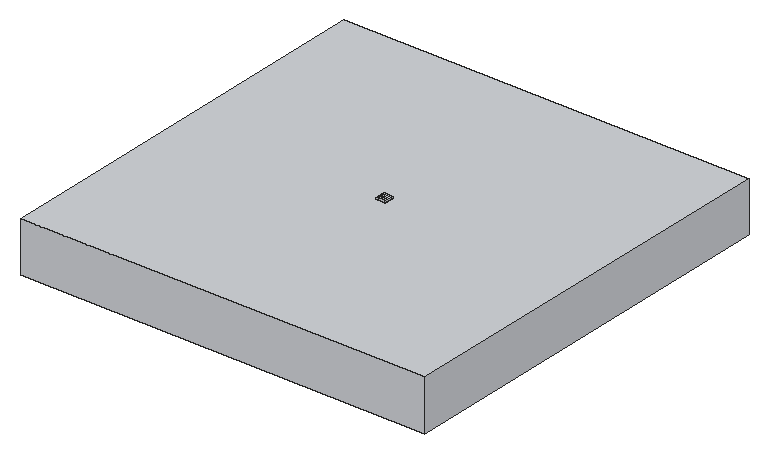
Revit family "2CKA006430A0403", category Elektroinstallationen, Revit 2017
Family settings
  Basisbauteil = Fläche
  Beschriftungsausrichtung beibehalten = Nein
  Bemaßung runder Anschluss = Durchmesser verwenden
  Teiletyp = Normal
  Beim Laden mit Abzugskörper schneiden = Nein
  Gemeinsam genutzt = Nein
  Raumberechnungspunkt = Nein
Parameters
  Werkstoffgüte = "Thermoplast"
  Werkstoff = "Kunststoff"
  Default Elevation = 1219.2 mm
  Verwendung = "Jalousie"
  URL = "https://www.busch-jaeger.de/"
  Typname = "Bedienelement, alpinweiß, Busch-balance SI, Bedienelemente für Jalousiesteuerung/Zeitschaltuhren"
  TYPE = "6430-914-102"
  RAL-Nummer (ähnlich) = 9010
  Produktseite = "https://media.live.bim.site/t/eyJhbGciOiJIUzI1NiIsInR5cCI6IkpXVCJ9.eyJjdCI6MiwidHUiOiJodHRwOi8vYnVzY2gtamFlZ2VyLWthdGFsb2cuZGUvNjQzMC0wLTA0MDMsYXJ0aWtlbC5odG1sIiwiY2lkIjoiZmVkOThlOWEtMWJkOC00YzY4LWE3M2ItNzRhOTRlMzE1ODIzIiwicmlkIjoiNzFkYzRlZGJiMjU0Nzg3N2QyNDc3NzNlNDNlZDIxYjMiLCJwaWQiOiI4OTc0MmFlNzZiOTE1NTk1ZDE1NDk0NmI5M2QzMWRlMDhkNjRhYWFjIiwic2lkIjoiNjM3MzIiLCJ1dCI6MSwibGMiOiJkZSIsImlhdCI6MTU4MjE5NDU4NywiaXNzIjoiaHR0cHM6Ly9hcGkubGl2ZS5iaW0uc2l0ZSIsInN1YiI6ImY1ODZjNGI2LWE1MDgtNDI3YS05ODE4LTEzMTc5NjY1NzZiYyJ9.K95BvRhGoKdMDUxk5IIPtkTlUrMm7MLOJMmIBYTFR4A"
  Oberfläche = "unbehandelt"
  Kontrollfenster/Lichtauslass = yes
  Ist Zubehör = no
  Ist System = no
  Hersteller = "Busch-Jaeger"
  HeinzeBIM = "https://www.heinze.de/bim/bedienelement-alpinweiss-busch-balance-si-bedienelemente-fuer-jalousiesteuerung-zeitschaltuhren/89742ae76b915595d154946b93d31de08d64aaac"
  Halogenfrei = yes
  HAN = "2CKA006430A0403"
  Gewicht [kg/m] = 0.028
  Geeignet für Schutzart (IP) = "IP20"
  GTIN = "4011395191958"
  Farbe = "weiß"
  Datenblatt = "https://media.live.bim.site/t/eyJhbGciOiJIUzI1NiIsInR5cCI6IkpXVCJ9.eyJjdCI6MSwidGYiOiJwdWJsaWMvYnVzY2gtamFlZ2VyL2VhZjFmM2IvMkNLQTAwNjQzMEEwNDAzX1JPSFNfMjAxOV8xMF8wNy5wZGYiLCJjaWQiOiJmZWQ5OGU5YS0xYmQ4LTRjNjgtYTczYi03NGE5NGUzMTU4MjMiLCJyaWQiOiI3MWRjNGVkYmIyNTQ3ODc3ZDI0Nzc3M2U0M2VkMjFiMyIsInBpZCI6Ijg5NzQyYWU3NmI5MTU1OTVkMTU0OTQ2YjkzZDMxZGUwOGQ2NGFhYWMiLCJzaWQiOiI2MzczMiIsInV0IjoxLCJsYyI6ImRlIiwiaWF0IjoxNTgyMTk0NTg3LCJpc3MiOiJodHRwczovL2FwaS5saXZlLmJpbS5zaXRlIiwic3ViIjoiZjU4NmM0YjYtYTUwOC00MjdhLTk4MTgtMTMxNzk2NjU3NmJjIn0._J9d0LAiZYK51m_5Gl0qjGVFAX6nUwN2UMJ7yYfRAKI/2CKA006430A0403_ROHS_2019_10_07.pdf"
  Beschreibung = "Bedienelement, alpinweiß, Busch-balance SI, Bedienelemente für Jalousiesteuerung/Zeitschaltuhren, Bedienelement Für Busch-Jalousiecontrol II Einsatz 6411 U-101, 6411 U/S-101. Für Jalousie-Basis-Einsatz 6418 U. Für Busch-Universal-Serieneinsatz 6402 U."
  Befestigungsart = "Klemmbefestigung"
  BIMSITE_PRODUCT_ID = "89742ae76b915595d154946b93d31de08d64aaac"
  BIM = "https://media.live.bim.site/t/eyJhbGciOiJIUzI1NiIsInR5cCI6IkpXVCJ9.eyJjdCI6MSwidGYiOiJwdWJsaWMvYnVzY2gtamFlZ2VyL2VhZjFmM2IvMkNLQTAwNjQzMEEwNDAzLnJmYSIsImNpZCI6ImZlZDk4ZTlhLTFiZDgtNGM2OC1hNzNiLTc0YTk0ZTMxNTgyMyIsInJpZCI6IjcxZGM0ZWRiYjI1NDc4NzdkMjQ3NzczZTQzZWQyMWIzIiwicGlkIjoiODk3NDJhZTc2YjkxNTU5NWQxNTQ5NDZiOTNkMzFkZTA4ZDY0YWFhYyIsInNpZCI6IjYzNzMyIiwidXQiOjUsImxjIjoiZGUiLCJpYXQiOjE1ODIxOTQ1ODcsImlzcyI6Imh0dHBzOi8vYXBpLmxpdmUuYmltLnNpdGUiLCJzdWIiOiJmNTg2YzRiNi1hNTA4LTQyN2EtOTgxOC0xMzE3OTY2NTc2YmMifQ.ZvnU7X3X_kEjDCdWDlTpnelv9T5Ha4pLDcGaerI-V0w/2CKA006430A0403.rfa"
  Ausführung der Oberfläche = "glänzend"
  Ausführung = "einteilige Taste"
  Aufdruck/Kennzeichnung = "Symbol \"Pfeile\""
Reference planes
  plane 1 "Center (Front/Back)": y = 0
  plane 2: z = 0
  plane 3 "Center (Left/Right)": x = 0
Forms (mm)
  Extrusion 1, solid
    sketch origin (0, 0, 0) x (1, 0, 0) y (0, 1, 0)
      loop
        line (-1219.2, 1219.2) -> (-1219.2, -1219.2) -> (1219.2, -1219.2) -> (1219.2, 1219.2) -> (-1219.2, 1219.2)
    from 0 to -304.8
  Extrusion 2, solid, detail levels fine
    sketch origin (37.798, 0, -28.003) x (1, 0, 0) y (0, 0, 1)
      loop
        line (-65.36, 36.757) -> (-65.513, 28.003) -> (-63.408, 28.003) -> (-63.408, 25.503) -> (-65.557, 25.503) -> (-65.583, 24.003) -> (-10.013, 24.003) -> (-10.013, 25.503) -> (-12.113, 25.503) -> (-12.113, 28.003) -> (-10.013, 28.003) -> (-10.167, 36.781) -> (-19.335, 37.587) -> (-22.742, 37.849) -> (-33.364, 38.215) -> (-35.565, 38.291) -> (-46.191, 38.112) -> (-48.394, 38.075) -> (-59, 37.35) -> (-61.198, 37.2) -> (-62.155, 37.127) -> (-65.36, 36.757)
    from 27.5 to -27.5
  Extrusion 3, solid, detail levels medium+fine
    sketch origin (0, 0, -4) x (1, 0, 0) y (0, 1, 0)
      loop
        circle (0, 0) r 5
    from 0 to -2
  Extrusion 4, solid, detail levels medium+fine
    sketch origin (0, 0, 0) x (1, 0, 0) y (0, 1, 0)
      loop
        circle (0, -3) r 1
    from -6 to -13
  Extrusion 5, solid, detail levels medium+fine
    sketch origin (0, 0, 0) x (-0.5, 0.866025, 0) y (-0.866025, -0.5, 0)
      loop
        circle (0, -3) r 1
    from -6 to -13
  Extrusion 6, solid, detail levels medium+fine
    sketch origin (0, 0, 0) x (-0.5, -0.866025, 0) y (0.866025, -0.5, 0)
      loop
        circle (0, -3) r 1
    from -6 to -13
  Extrusion 7, solid, detail levels medium
    sketch origin (0, 0, 0) x (1, 0, 0) y (0, 0, 1)
      loop
        line (27.785, -4) -> (27.785, 8.738)
        arc (27.785, 8.738) -> (-0.008, 10.268) -> (-27.8, 8.728) r 252.407
        line (-27.8, 8.728) -> (-27.8, -4) -> (27.785, -4)
    from -27.5 to 27.5
  Extrusion 8, solid, detail levels coarse
    sketch origin (0, 0, 0) x (1, 0, 0) y (0, 1, 0)
      loop
        line (-27.8, 27.5) -> (-27.8, -27.5) -> (27.785, -27.5) -> (27.785, 27.5) -> (-27.8, 27.5)
    from -13 to 10.268
Dimensions and locks
  aligned and locked: plane 2 to Extrusion 1
  aligned and locked: level to Extrusion 1
Connectors
  electrical at (0, 0, -6)
    settings: on Extrusion 3, index 1, voltage 220 V, apparent load 0 VA, apparent load phase1 0 VA, apparent load phase2 0 VA, apparent load phase3 0 VA, power factor 1, load classification "Other", number of poles 1, system type 30, power factor state 1, is connector primary yes, connector utility no, sub classification motor no, connector description ""
